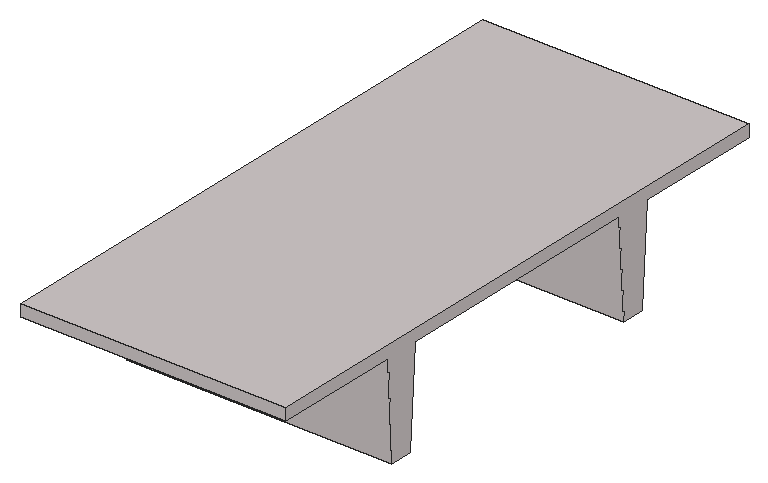
Revit family "5ac1113226c847a6a713625d4fd8a3b9", category Structural Framing, Revit 2021
Family settings
  Display in Hidden Views = Edges Hidden by Beam Itself
  Structural Framing Length Roundoff = 0' - 0"
  Section Shape = Not Defined
  Material for Model Behavior = Precast Concrete
  Always export as geometry = No
  OmniClass Number = 23.25.30.11.14.14
  OmniClass Title = Beams
  Seek Item ID = Precast-Double Tee-0000-USA-ENU
  Always vertical = Yes
  Cut with Voids When Loaded = No
  Symbolic Representation = From Family
  Shared = No
  Show family pre-cut in plan views = Yes
Parameters (values of type "8' x 18"")
  Structural Material [instance] = Concrete, Precast
  Assembly Code = "B10"
  Depth = 1' - 6"
  Length [instance] = 5' - 0"
  Slab Depth = 0' - 2"
  Stem Width = 0' - 3 3/4"
  Tee Width = 4' - 0"
  Width = 8' - 0"
Types (3): name | Depth
  (no name) | 1' - 6"
  8' x 18" | 1' - 6"
  8' x 20" | 1' - 8"
Reference planes (in)
  plane 1 "Center (Front/Back)": y = 0
  plane 2: z = 0
  plane 3 "Center (Left/Right)": x = 0.1815
  plane 4 "Member Left": x = -21.8185
  plane 5 "Member Right": x = 22.1815
  plane 6: y = 48
  plane 7: y = -48
  plane 8: z = 9
  plane 9 "Bottom": z = -9
  plane 10 "Left": x = -29.8185
  plane 11 "Right": x = 30.1815
Forms (in)
  Sweep 1, solid, material "Concrete, Precast" <- "Structural Material"
    path origin (0, 0, 0) x (1, 0, 0) y (0, 1, 0)
      loop
        line (22.1815, 0) -> (-21.8185, 0)
    profile "Double Tee-Profile : Double Tee-Profile" origin (0.1815, 0, 0) x (0, -1, 0) y (0, 0, 1)
      loop
        line (-48, 7) -> (-26.875, 7) -> (-25.875, -9) -> (-22.125, -9) -> (-21.125, 7) -> (21.125, 7) -> (22.125, -9) -> (25.875, -9) -> (26.875, 7) -> (48, 7) -> (48, 9) -> (-48, 9) -> (-48, 7)
Lines and regions (in)
  symbolic lines, style "Hidden Faces", detail levels medium+fine
    curve 1: line (-21.8185, 25.875, -9) -> (22.1815, 25.875, -9)
    curve 2: line (-21.8185, 22.125, -9) -> (22.1815, 22.125, -9)
    curve 3: line (-21.8185, -25.875, -9) -> (22.1815, -25.875, -9)
    curve 4: line (-21.8185, -22.125, -9) -> (22.1815, -22.125, -9)
Dimensions and locks (in)
  "Width": plane 6 to plane 7
  equal spacing: plane 9 "Bottom", plane 2, plane 8
  equal spacing: plane 6, plane 1 "Center (Front/Back)", plane 7
  "Depth": plane 9 "Bottom" to plane 8
  "Length": plane 10 "Left" to plane 11 "Right"
  aligned and locked: Sweep 1 sketch curve to plane 1 "Center (Front/Back)"
  aligned and locked: Sweep 1 to curve 3
  aligned and locked: Sweep 1 to curve 2
  aligned and locked: Sweep 1 to curve 1
  aligned and locked: curve 2 to Sweep 1  (x2)
  aligned and locked: curve 3 to Sweep 1  (x2)
  aligned and locked: Sweep 1 to curve 4  (x2)
  aligned and locked: curve 1 to Sweep 1
  aligned and locked: curve 4 to Sweep 1
  aligned and locked: plane 4 "Member Left" to Sweep 1 sketch curve
  aligned and locked: plane 5 "Member Right" to Sweep 1 sketch curve
  aligned and locked: plane 4 "Member Left" to curve 1
